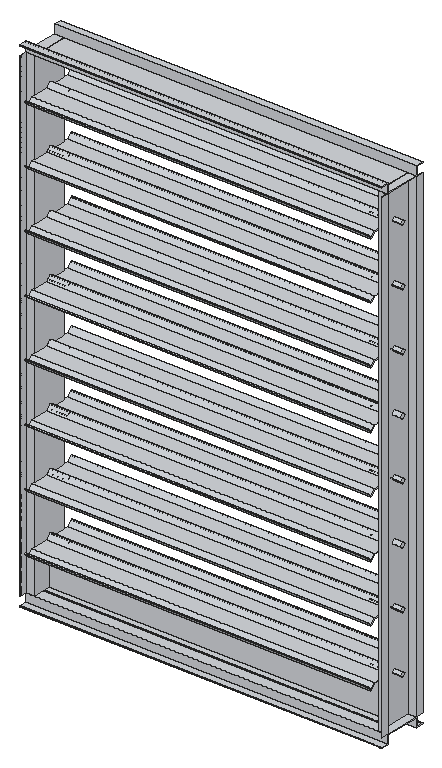
Revit family "MD-115,116", category Mechanical Equipment, Revit 2015
Parameters
  URL = "https://unitedenertech.com/catalog/pdf/A_23,%2024%20MD-115,%20116.pdf"
  Type Comments = "Max. Single Section Size is (48\"w x 60\"h)"
  Model = "MD-115, MD-116"
  Manufacturer = "United Enertech Corporation"
  Keynote = "This model is only a representation of the product, blade position will vary from built dampers."
  Exact Width = 3' - 0"
  Exact Height = 4' - 2"
  Description = "Opposed Blade / Parallel Blade Heavy Duty Steel Blade Manual Balance Damper"
  Blade Spacing = 0' - 5 3/4"
  Blade Number [instance] = rounddown((Exact Height - 0' 4") / Blade Spacing)  # 8
  BW [instance] = Exact Width - 0' 1 247/256"  # 2' - 10 9/256"
Reference planes (in)
  plane 1 "Center (Front/Back)": y = 0
  plane 2: z = 0
  plane 3 "Center (Left/Right)": x = 0
  plane 4: x = -18
  plane 5: x = 18
  plane 6: z = 50
  plane 7: z = 49.0652
  plane 8: z = 0.9348
  plane 9: x = -17.0652
  plane 10: x = 17.0652
  plane 11: z = 45.63988
Forms (in)
  Extrusion 1, solid
    sketch origin (18.89882, -8.11588, 0) x (1, 0, 0) y (0, 1, 0)
      loop
        line (-36.83902, 8.11588) -> (-36.83902, 8.17568) -> (-36.83902, 8.80608) -> (-35.96402, 8.80608) -> (-35.96402, 12.42568) -> (-36.83902, 12.42568) -> (-36.83902, 13.05608) -> (-36.83902, 13.11588) -> (-36.89882, 13.11588) -> (-36.89882, 12.36588) -> (-36.02382, 12.36588) -> (-36.02382, 8.86588) -> (-36.89882, 8.86588) -> (-36.89882, 8.11588) -> (-36.83902, 8.11588)
    from 0.9348 to 49.0652
  Extrusion 2, solid
    sketch origin (-18.89882, -8.11588, 0) x (-1, 0, 0) y (0, -1, 0)
      loop
        line (-36.83902, -8.11588) -> (-36.89882, -8.11588) -> (-36.89882, -8.86588) -> (-36.02382, -8.86588) -> (-36.02382, -12.36588) -> (-36.89882, -12.36588) -> (-36.89882, -13.11588) -> (-36.83902, -13.11588) -> (-36.83902, -13.05608) -> (-36.83902, -12.42568) -> (-35.96402, -12.42568) -> (-35.96402, -8.80608) -> (-36.83902, -8.80608) -> (-36.83902, -8.17568) -> (-36.83902, -8.11588)
    from 0.9348 to 49.0652
  Extrusion 3, solid
    sketch origin (-18.65691, -8.11588, 5.10118) x (0, 0, -1) y (0, 1, 0)
      loop
        line (-44.83902, 8.11588) -> (-44.83902, 8.17568) -> (-44.83902, 8.80608) -> (-43.96402, 8.80608) -> (-43.96402, 12.42568) -> (-44.83902, 12.42568) -> (-44.83902, 13.05608) -> (-44.83902, 13.11588) -> (-44.89882, 13.11588) -> (-44.89882, 12.36588) -> (-44.02382, 12.36588) -> (-44.02382, 8.86588) -> (-44.89882, 8.86588) -> (-44.89882, 8.11588) -> (-44.83902, 8.11588)
    from 0.65691 to 36.65691
  Extrusion 4, solid
    sketch origin (-30.43142, -8.11588, 36.89882) x (0, 0, 1) y (0, 1, 0)
      loop
        line (-36.83902, 8.17568) -> (-36.83902, 8.80608) -> (-35.96402, 8.80608) -> (-35.96402, 12.42568) -> (-36.83902, 12.42568) -> (-36.83902, 13.05608) -> (-36.83902, 13.11588) -> (-36.89882, 13.11588) -> (-36.89882, 12.36588) -> (-36.02382, 12.36588) -> (-36.02382, 8.86588) -> (-36.89882, 8.86588) -> (-36.89882, 8.11588) -> (-36.83902, 8.11588) -> (-36.83902, 8.17568)
    from -48.43142 to -12.43142
  Extrusion 5, solid
    sketch origin (-35.50069, -38.44609, 25.36795) x (0, -1, 0) y (0, 0, -1)
      loop
        line (-41.02709, -23.19725) -> (-41.02709, -23.69725) -> (-40.27709, -23.69725) -> (-40.27709, -23.61625) -> (-40.94609, -23.61625) -> (-40.94609, -23.19725) -> (-41.02709, -23.19725)
    from 18.43549 to 52.56589
  Extrusion 6, solid
    sketch origin (0, 0, 0) x (0, 1, 0) y (0, 0, 1)
      loop
        line (2.5, 0.9348) -> (2.5, 4.9348) -> (2.42187, 4.9348) -> (2.42187, 1.01292) -> (1.75, 1.01292) -> (1.75, 0.9348) -> (2.5, 0.9348)
    from -17.0652 to 17.0652
Dimensions and locks (in)
  equal spacing: plane 4, plane 3 "Center (Left/Right)", plane 5
  "Exact Width": plane 4 to plane 5
  "Exact Height": plane 6 to level
  locked: plane 6 to plane 7 at 0.9348
  locked: plane 8 to level at 0.9348
  locked: plane 10 to plane 5 at 0.9348
  locked: plane 4 to plane 9 at 0.9348
  locked: plane 6 to plane 11 at 4.36012
  equal spacing: group 1, group 2, group 3, group 4, group 5, group 6, group 7, group 8  (x2)
  equal spacing: group 8, group 7, group 6, group 5, group 4, group 3, group 2, group 1
  "Blade Spacing": nested 1 to nested 2
  aligned and locked: level to plane 2
  aligned and locked: plane 6 to Extrusion 3
  aligned and locked: plane 4 to Extrusion 3
  aligned and locked: Extrusion 3 to plane 5
  aligned and locked: plane 7 to Extrusion 1
  aligned and locked: plane 7 to Extrusion 2
  aligned and locked: Extrusion 1 to plane 8
  aligned and locked: Extrusion 2 to plane 8
  aligned and locked: Extrusion 4 to plane 5
  aligned and locked: plane 4 to Extrusion 4
  aligned and locked: Extrusion 5 to Extrusion 3
  aligned and locked: plane 10 to Extrusion 5
  aligned and locked: Extrusion 5 to plane 9
  aligned and locked: plane 11 to nested 1
  aligned and locked: plane 10 to Extrusion 6
  aligned and locked: Extrusion 6 to plane 9
Automatic sketch dimensions
  Extrusion 1 sketch curve to plane 4 = 0' - 0"  (x2)
  plane 1 "Center (Front/Back)" to Extrusion 1 sketch curve = 0' - 0"
  Extrusion 1 sketch curve to plane 9 = 0' - 0"
  Extrusion 1 sketch curve to plane 4 = 0' - 0.0598"  (x2)
  Extrusion 1 sketch curve to plane 9 = 0' - 0.0598"
  Extrusion 1 sketch curve to plane 1 "Center (Front/Back)" = 0' - 0.0598"
  Extrusion 1 sketch curve to Extrusion 1 sketch curve = 0' - 0.6304"  (x2)
  Extrusion 1 sketch curve to Extrusion 1 sketch curve = 0' - 0.0598"  (x3)
  Extrusion 1 sketch curve to Extrusion 1 sketch curve = 0' - 3 1/2"
  Extrusion 2 sketch curve to plane 5 = 0' - 0"  (x2)
  plane 1 "Center (Front/Back)" to Extrusion 2 sketch curve = 0' - 0"
  Extrusion 2 sketch curve to plane 10 = 0' - 0"
  Extrusion 2 sketch curve to plane 5 = 0' - 0.0598"  (x2)
  Extrusion 2 sketch curve to plane 10 = 0' - 0.0598"
  Extrusion 2 sketch curve to Extrusion 2 sketch curve = 0' - 0.0598"  (x4)
  Extrusion 2 sketch curve to Extrusion 2 sketch curve = 0' - 0.6304"  (x2)
  Extrusion 2 sketch curve to Extrusion 2 sketch curve = 0' - 3 1/2"
  Extrusion 3 sketch curve to plane 6 = 0' - 0"  (x2)
  Extrusion 3 sketch curve to plane 1 "Center (Front/Back)" = 0' - 0"
  Extrusion 3 sketch curve to plane 7 = 0' - 0"
  Extrusion 3 sketch curve to plane 6 = 0' - 0.0598"  (x2)
  plane 7 to Extrusion 3 sketch curve = 0' - 0.0598"
  Extrusion 3 sketch curve to Extrusion 3 sketch curve = 0' - 0.0598"  (x4)
  Extrusion 3 sketch curve to Extrusion 3 sketch curve = 0' - 0.6304"  (x2)
  Extrusion 3 sketch curve to Extrusion 3 sketch curve = 0' - 3 1/2"
  Extrusion 4 sketch curve to level = 0' - 0"  (x2)
  Extrusion 4 sketch curve to plane 1 "Center (Front/Back)" = 0' - 0"
  Extrusion 4 sketch curve to plane 8 = 0' - 0"
  level to Extrusion 4 sketch curve = 0' - 0.0598"  (x2)
  Extrusion 4 sketch curve to plane 8 = 0' - 0.0598"
  Extrusion 4 sketch curve to plane 1 "Center (Front/Back)" = 0' - 0.0598"
  Extrusion 4 sketch curve to Extrusion 4 sketch curve = 0' - 0.6304"  (x2)
  Extrusion 4 sketch curve to Extrusion 4 sketch curve = 0' - 0.0598"  (x3)
  Extrusion 4 sketch curve to Extrusion 4 sketch curve = 0' - 3 1/2"
  Extrusion 5 sketch curve to plane 1 "Center (Front/Back)" = 0' - 2.581"
  Extrusion 5 sketch curve to Extrusion 5 sketch curve = 0' - 0.081"  (x2)
  Extrusion 5 sketch curve to Extrusion 5 sketch curve = 0' - 0.669"
  plane 8 to Extrusion 5 sketch curve = 4' - 0.1304"
  Extrusion 5 sketch curve to Extrusion 5 sketch curve = 0' - 0.419"
  Extrusion 6 sketch curve to plane 8 = 0' - 0"
  plane 8 to Extrusion 6 sketch curve = 0' - 0 5/64"
  Extrusion 6 sketch curve to plane 1 "Center (Front/Back)" = 0' - 1 3/4"
  Extrusion 6 sketch curve to plane 1 "Center (Front/Back)" = 0' - 2 27/64"
  Extrusion 6 sketch curve to Extrusion 6 sketch curve = 0' - 0 5/64"
  Extrusion 6 sketch curve to Extrusion 6 sketch curve = 0' - 3 59/64"
Nested families (in)
  nested 1: "CDBLADE" at (0, -1.88123, 39.60988), type "CDBLADE"
    with Blade Width 2' - 10 9/256"
  nested 2: "CDBLADE" at (0, -1.88123, 33.85988), type "CDBLADE"
    with Blade Width 2' - 10 9/256"
  nested 3: "CDBLADE" at (0, -1.88123, 28.10988), type "CDBLADE"
    with Blade Width 2' - 10 9/256"
  nested 4: "CDBLADE" at (0, -1.88123, 22.35988), type "CDBLADE"
    with Blade Width 2' - 10 9/256"
  nested 5: "CDBLADE" at (0, -1.88123, 16.60988), type "CDBLADE"
    with Blade Width 2' - 10 9/256"
  nested 6: "CDBLADE" at (0, -1.88123, 10.85988), type "CDBLADE"
    with Blade Width 2' - 10 9/256"
  nested 7: "CDBLADE" at (0, -1.88123, 5.10988), type "CDBLADE"
    with Blade Width 2' - 10 9/256"
  nested 8: "CDBLADE" at (0, -1.88123, -0.64012), type "CDBLADE"
    with Blade Width 2' - 10 9/256"
Definition of nested family "CDBLADE"
  Parameters (values of type "CDBLADE")
    Blade Width = 2' - 0"
  Reference planes (in)
    plane 1 "Center (Front/Back)": y = 0
    plane 2: z = 0
    plane 3 "Center (Left/Right)": x = 0
    plane 4: x = -12
    plane 5: x = 12
    plane 6: x = -10
    plane 7: x = 10
    plane 8: x = 13
    plane 9: x = -13
  Forms (in)
    Extrusion 1, solid
      sketch origin (-5.47457, 40.29466, 20.09893) x (0, 1, 0) y (0, 0, 1)
        loop
          line (-38.9965, -14.09675) -> (-39.03892, -14.13918) -> (-38.59483, -14.58328) -> (-38.14048, -14.12893) -> (-36.34342, -14.12893) -> (-35.91392, -13.69943) -> (-35.48443, -14.12893) -> (-33.66252, -14.12893) -> (-33.23302, -13.69943) -> (-32.83135, -14.1011) -> (-32.78892, -14.05868) -> (-33.23302, -13.61458) -> (-33.68737, -14.06893) -> (-35.45957, -14.06893) -> (-35.91392, -13.61458) -> (-36.36828, -14.06893) -> (-38.16533, -14.06893) -> (-38.59483, -14.49842) -> (-38.9965, -14.09675)
      from -6.52543 to 17.47457
    Extrusion 2, solid
      sketch origin (-5.47457, 40.31254, 20.55465) x (0, 1, 0) y (0, 0, 1)
        loop
          line (-35.93181, -14.15516) -> (-36.19054, -14.4148) -> (-35.93131, -14.67313) -> (-35.67217, -14.41399) -> (-35.93181, -14.15516)
      from 15.47457 to 18.47457
    Extrusion 3, solid
      sketch origin (-19.72457, 40.31254, 20.55465) x (0, 1, 0) y (0, 0, 1)
        loop
          line (-35.93181, -14.15516) -> (-36.19054, -14.4148) -> (-35.93131, -14.67313) -> (-35.67217, -14.41399) -> (-35.93181, -14.15516)
      from 6.72457 to 9.72457
  Dimensions and locks (in)
    equal spacing: plane 4, plane 3 "Center (Left/Right)", plane 5
    "Blade Width": plane 4 to plane 5
    locked: plane 9 to plane 4 at 1
    locked: plane 4 to plane 6 at 2
    locked: plane 7 to plane 5 at 2
    locked: plane 5 to plane 8 at 1
    aligned and locked: level to plane 2
    aligned and locked: plane 4 to Extrusion 1
    aligned and locked: plane 5 to Extrusion 1
    aligned and locked: plane 8 to Extrusion 2
    aligned and locked: plane 7 to Extrusion 2
    aligned and locked: Extrusion 3 to plane 9
    aligned and locked: Extrusion 3 to plane 6
  Automatic sketch dimensions
    Extrusion 1 sketch curve to plane 1 "Center (Front/Back)" = 0' - 1.25573"
    Extrusion 1 sketch curve to Extrusion 1 sketch curve = 0' - 0.04243"  (x2)
    Extrusion 1 sketch curve to Extrusion 1 sketch curve = 0' - 0.40167"  (x2)
    Extrusion 1 sketch curve to Extrusion 1 sketch curve = 0' - 0"  (x4)
    Extrusion 1 sketch curve to Extrusion 1 sketch curve = 0' - 0.4295"  (x2)
    Extrusion 1 sketch curve to Extrusion 1 sketch curve = 0' - 0.02485"  (x4)
    Extrusion 1 sketch curve to Extrusion 1 sketch curve = 0' - 1.7722"  (x2)
    Extrusion 1 sketch curve to Extrusion 1 sketch curve = 0' - 0.45435"  (x2)
    level to Extrusion 1 sketch curve = 0' - 5.51565"
    Extrusion 1 sketch curve to Extrusion 1 sketch curve = 0' - 0.35925"
    Extrusion 1 sketch curve to Extrusion 1 sketch curve = 0' - 0.02782"
    Extrusion 2 sketch curve to plane 1 "Center (Front/Back)" = 0' - 4.122"
    Extrusion 2 sketch curve to Extrusion 2 sketch curve = 0' - 0.25873"
    Extrusion 2 sketch curve to Extrusion 2 sketch curve = 0' - 0.25923"
    Extrusion 2 sketch curve to Extrusion 2 sketch curve = 0' - 0.25914"  (x2)
    level to Extrusion 2 sketch curve = 0' - 5.88153"
    Extrusion 2 sketch curve to Extrusion 2 sketch curve = 0' - 0.25833"
    Extrusion 3 sketch curve to plane 1 "Center (Front/Back)" = 0' - 4.122"
    Extrusion 3 sketch curve to Extrusion 3 sketch curve = 0' - 0.25873"
    Extrusion 3 sketch curve to Extrusion 3 sketch curve = 0' - 0.25923"
    Extrusion 3 sketch curve to Extrusion 3 sketch curve = 0' - 0.25914"  (x2)
    level to Extrusion 3 sketch curve = 0' - 5.88153"
    Extrusion 3 sketch curve to Extrusion 3 sketch curve = 0' - 0.25833"
